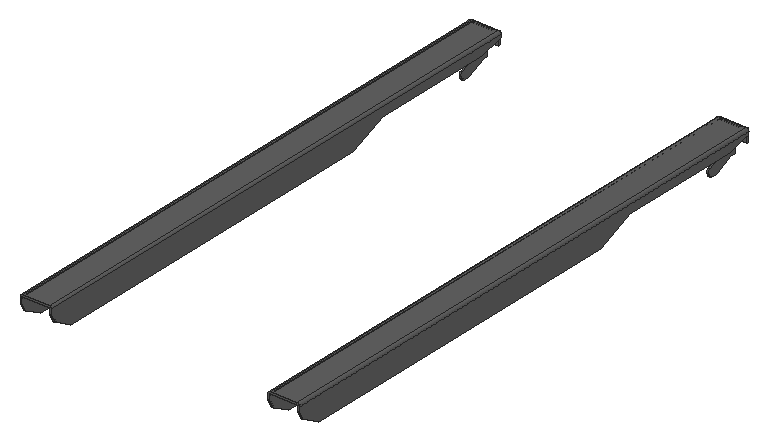
Revit family "Atdec-Bracket-TH-VWVP-", category Generic Models, host Face, Revit 2016
Family settings
  Host = Face
  Part Type = Normal
  Can host rebar = No
  Round Connector Dimension = Use Diameter
  Cut with Voids When Loaded = No
  Shared = No
  Room Calculation Point = No
Parameters (values of type "TH-VWVP")
  Weight, Single Unit = "6.3kg (13.8lb)"
  Weight, Master Carton = "25.5kg (56.2lb)"
  Warranty = "10 years"
  VESA mounting hole pattern,mm = "-"
  Universal Width (mm) = "Flexible"
  Universal Height (mm) = "From 100 to 600"
  URL = "www.atdec.com.au"
  UPC Code = "881493009462"
  Tilt Adjustment = "-"
  Single units per master pack = "4"
  Security feature = "Can be secured with padlock (not included)"
  Range of Motion = "Fixed Angle"
  Product Information Link = "https://www.atdec.com.au/th-vwvp"
  Product Family = "Wall Mount Rail"  # constant formula
  Single Unit Dimensions = "1005mm (39.6\") Lenght, 163mm (6.4\") Width, 75mm (2.95\") Height"
  Pan Adjustment = "-"
  Model = "TH-VWVP"
  Minimum distance from wall (mm) = "44.5mm (1.75\")"
  Maximum distance from wall (mm) = "44.5mm (1.75\")"
  Material = "Steel"
  Master Carton Dimensions = "1021mm (40.2\") Lenght, 166mm (6.5\") Width, 309mm (12.2\") Height"
  Manufacturer = "Atdec"  # constant formula
  Flat screen maximum supported weight = "165kg (363lb)"
  Email Address = "support@atdec.com"
  Description = "Video wall portrait display brackets (set of 2)"
  Default Elevation = 1219.2 mm
  Colour Options = "Black"
  Bracket Finish [instance] = ATD-Powdercoat Black
  Bracket Distance [instance] = 500 mm
  Assembly Code = "E1010800"
Reference planes
  plane 1 "Center (Front/Back)": y = 0
  plane 2: z = 0
  plane 3 "Center (Left/Right)": x = 0
  plane 4: x = -250
  plane 5: x = 250
Forms (mm)
  Extrusion 1, solid, material "ATD-Powdercoat Black" <- "Bracket Finish"
    sketch origin (0, 0, 0) x (1, 0, 0) y (0, 0, 1)
      loop
        line (-225.5, 1.87) -> (-222.5, 1.87) -> (-222.5, 40.87)
        arc (-222.5, 40.87) -> (-222.207, 41.577) -> (-221.5, 41.87) r 1
        line (-221.5, 41.87) -> (-178.5, 41.87)
        arc (-178.5, 41.87) -> (-177.793, 41.577) -> (-177.5, 40.87) r 1
        line (-177.5, 40.87) -> (-177.5, 1.87) -> (-174.5, 1.87) -> (-174.5, 40.87)
        arc (-174.5, 40.87) -> (-175.672, 43.698) -> (-178.5, 44.87) r 4
        line (-178.5, 44.87) -> (-221.5, 44.87)
        arc (-221.5, 44.87) -> (-224.328, 43.698) -> (-225.5, 40.87) r 4
        line (-225.5, 40.87) -> (-225.5, 1.87)
      loop
        line (225.5, 1.87) -> (225.5, 40.87)
        arc (225.5, 40.87) -> (224.328, 43.698) -> (221.5, 44.87) r 4
        line (221.5, 44.87) -> (178.5, 44.87)
        arc (178.5, 44.87) -> (175.672, 43.698) -> (174.5, 40.87) r 4
        line (174.5, 40.87) -> (174.5, 1.87) -> (177.5, 1.87) -> (177.5, 40.87)
        arc (177.5, 40.87) -> (177.793, 41.577) -> (178.5, 41.87) r 1
        line (178.5, 41.87) -> (221.5, 41.87)
        arc (221.5, 41.87) -> (222.207, 41.577) -> (222.5, 40.87) r 1
        line (222.5, 40.87) -> (222.5, 1.87) -> (225.5, 1.87)
    from -43.924 to 876.076
  Extrusion 2, void
    sketch origin (0, 0, 0) x (0, 1, 0) y (0, 0, 1)
      loop
        line (37.189, 44.87) -> (37.189, 38.181)
        arc (37.189, 38.181) -> (36.54, 36.317) -> (34.872, 35.26) r 3
        line (34.872, 35.26) -> (-1.019, 26.87) -> (-201.147, 26.87) -> (-261.147, 1.87) -> (-830.722, 1.87) -> (-861.311, 18.879) -> (-868.811, 31.87) -> (-868.811, 44.87) -> (-876.076, 44.87) -> (-876.076, 0) -> (43.924, 0) -> (43.924, 44.87) -> (37.189, 44.87)
    from 250 to -250
  Extrusion 3, solid, material "ATD-Powdercoat Black" <- "Bracket Finish"
    sketch origin (0, 0, 0) x (1, 0, 0) y (0, 0, 1)
      loop
        line (-218.999, 4.37) -> (-218.999, 37.37)
        arc (-218.999, 37.37) -> (-218.707, 38.077) -> (-217.999, 38.37) r 1
        line (-217.999, 38.37) -> (-181.999, 38.37)
        arc (-181.999, 38.37) -> (-181.292, 38.077) -> (-180.999, 37.37) r 1
        line (-180.999, 37.37) -> (-180.999, 4.37) -> (-177.999, 4.37) -> (-177.999, 37.37)
        arc (-177.999, 37.37) -> (-179.171, 40.198) -> (-181.999, 41.37) r 4
        line (-181.999, 41.37) -> (-217.999, 41.37)
        arc (-217.999, 41.37) -> (-220.828, 40.198) -> (-221.999, 37.37) r 4
        line (-221.999, 37.37) -> (-221.999, 4.37) -> (-218.999, 4.37)
      loop
        line (218.999, 4.37) -> (221.999, 4.37) -> (221.999, 37.37)
        arc (221.999, 37.37) -> (220.828, 40.198) -> (217.999, 41.37) r 4
        line (217.999, 41.37) -> (181.999, 41.37)
        arc (181.999, 41.37) -> (179.171, 40.198) -> (177.999, 37.37) r 4
        line (177.999, 37.37) -> (177.999, 4.37) -> (180.999, 4.37) -> (180.999, 37.37)
        arc (180.999, 37.37) -> (181.292, 38.077) -> (181.999, 38.37) r 1
        line (181.999, 38.37) -> (217.999, 38.37)
        arc (217.999, 38.37) -> (218.707, 38.077) -> (218.999, 37.37) r 1
        line (218.999, 37.37) -> (218.999, 4.37)
    from -14.412 to 75.588
  Extrusion 4, void
    sketch origin (0, 0, 0) x (0, 1, 0) y (0, 0, 1)
      loop
        line (14.412, 17.37) -> (7.039, 17.37) -> (-22.651, 4.767)
        arc (-22.651, 4.767) -> (-23.608, 4.47) -> (-24.605, 4.37) r 5
        line (-24.605, 4.37) -> (-31.399, 4.37)
        arc (-31.399, 4.37) -> (-34.306, 5.297) -> (-36.138, 7.738) r 5.018
        line (-36.138, 7.738) -> (-37.699, 11.416)
        arc (-37.699, 11.416) -> (-37.726, 14.477) -> (-35.58, 16.661) r 4
        line (-35.58, 16.661) -> (-20.173, 23.201)
        arc (-20.173, 23.201) -> (-19.201, 25.049) -> (-20.817, 26.37) r 1.65
        line (-20.817, 26.37) -> (-70.588, 26.37)
        arc (-70.588, 26.37) -> (-74.123, 27.834) -> (-75.588, 31.37) r 5
        line (-75.588, 31.37) -> (-75.588, 0) -> (14.412, 0) -> (14.412, 17.37)
    from -250 to 250
  Sweep 5, solid, material "ATD-Powdercoat Black" <- "Bracket Finish"
    path origin (0, 0, 0) x (0, 1, 0) y (0, 0, 1)
      loop
        line (41.191, 21.87) -> (41.191, 40.87)
        arc (41.191, 40.87) -> (40.019, 43.699) -> (37.189, 44.871) r 4.001
    profile origin (0, 41.191, 31.37) x (0, -1, 0) y (1, 0, 0)
      loop
        line (0.001, -221.5) -> (3.001, -221.5) -> (3.001, -178.5) -> (0.001, -178.5) -> (0.001, -221.5)
      loop
        line (0.001, 178.5) -> (3.001, 178.5) -> (3.001, 221.5) -> (0.001, 221.5) -> (0.001, 178.5)
Cuts and joins
  Extrusion 2 cuts Extrusion 1
  joined: Extrusion 1, Sweep 5
  Extrusion 4 cuts Extrusion 3
Dimensions and locks
  equal spacing: plane 4, plane 3 "Center (Left/Right)", plane 5
  "Bracket Distance": plane 4 to plane 5
  plane 4 to Extrusion 1 sketch curve to Extrusion 1 sketch curve to Extrusion 1 sketch curve to Extrusion 1 sketch curve = 24.5 mm locked, 3 mm locked, 45 mm locked, 3 mm locked
  Extrusion 1 sketch curve to Extrusion 1 sketch curve to Extrusion 1 sketch curve to Extrusion 1 sketch curve to plane 5 = 3 mm locked, 45 mm locked, 3 mm locked, 24.5 mm locked
  Extrusion 1 sketch curve to Extrusion 1 sketch curve to Extrusion 1 sketch curve to plane 2 = 3 mm locked, 40 mm locked, 1.87 mm locked  (x2)
  plane 4 to Extrusion 3 sketch curve to Extrusion 3 sketch curve to Extrusion 3 sketch curve to Extrusion 3 sketch curve = 28.001 mm locked, 3 mm locked, 38 mm locked, 3 mm locked
  Extrusion 3 sketch curve to Extrusion 3 sketch curve to Extrusion 3 sketch curve to Extrusion 3 sketch curve to plane 5 = 3 mm locked, 38 mm locked, 3 mm locked, 28.001 mm locked
  Extrusion 3 sketch curve to Extrusion 3 sketch curve to Extrusion 3 sketch curve to plane 2 = 3 mm locked, 34 mm locked, 4.37 mm locked  (x2)
  Extrusion 3 to plane 1 "Center (Front/Back)" to Extrusion 3 = 14.412 mm locked, 75.588 mm locked
  Sweep 5 sketch curve to Sweep 5 sketch curve to plane 5 = 43 mm locked, 28.5 mm locked
  plane 4 to Sweep 5 sketch curve to Sweep 5 sketch curve = 28.5 mm locked, 43 mm locked
  Sweep 5 sketch curve to Sweep 5 sketch curve to plane 2 = 19 mm locked, 21.87 mm locked
  Sweep 5 sketch curve to Sweep 5 sketch curve to plane 1 "Center (Front/Back)" = 4.001 mm locked, 37.189 mm locked
  plane 1 "Center (Front/Back)" to Sweep 5 sketch curve to Sweep 5 sketch curve = 38.189 mm locked, 3 mm locked  (x2)
  aligned and locked: plane 2 to host face
  aligned and locked: level to host face
  aligned and locked: Extrusion 1 sketch curve to Extrusion 1 sketch curve  (x2)
  aligned and locked: plane 4 to Extrusion 2
  aligned and locked: Extrusion 2 to plane 5
  aligned and locked: Extrusion 3 sketch curve to Extrusion 3 sketch curve  (x2)
  aligned and locked: plane 4 to Extrusion 4
  aligned and locked: Extrusion 4 to plane 5
Automatic sketch dimensions
  host sketch curve to host sketch curve = 715.576 mm
  host sketch curve to host sketch curve = 1056.744 mm
  Extrusion 1 sketch curve to Extrusion 1 sketch curve = 0 mm  (x4)
  Extrusion 1 sketch curve to Extrusion 1 sketch curve = 1 mm  (x3)
  plane 5 to Extrusion 1 sketch curve = 28.5 mm
  Extrusion 3 sketch curve to Extrusion 3 sketch curve = 0 mm  (x4)
  Extrusion 3 sketch curve to Extrusion 3 sketch curve = 1 mm  (x3)
  plane 5 to Extrusion 3 sketch curve = 32.001 mm
  Extrusion 4 sketch curve to level = 0 mm
  level to Extrusion 4 sketch curve = 31.37 mm
  plane 1 "Center (Front/Back)" to Extrusion 4 sketch curve = 75.588 mm
  Extrusion 4 sketch curve to Extrusion 4 sketch curve = 5 mm
  level to Extrusion 4 sketch curve = 11.416 mm
  Extrusion 4 sketch curve to Extrusion 4 sketch curve = 32.888 mm
  level to Extrusion 4 sketch curve = 7.738 mm
  Extrusion 4 sketch curve to Extrusion 4 sketch curve = 1.561 mm
  level to Extrusion 4 sketch curve = 16.661 mm
  Extrusion 4 sketch curve to Extrusion 4 sketch curve = 2.119 mm
  Extrusion 4 sketch curve to Extrusion 4 sketch curve = 1.563 mm
  level to Extrusion 4 sketch curve = 4.37 mm
  Extrusion 4 sketch curve to Extrusion 4 sketch curve = 4.739 mm
  Extrusion 4 sketch curve to Extrusion 4 sketch curve = 6.795 mm
  level to Extrusion 4 sketch curve = 4.767 mm
  Extrusion 4 sketch curve to Extrusion 4 sketch curve = 1.954 mm
  Extrusion 4 sketch curve to Extrusion 4 sketch curve = 3.787 mm
  Extrusion 4 sketch curve to plane 1 "Center (Front/Back)" = 7.039 mm
  Extrusion 4 sketch curve to plane 1 "Center (Front/Back)" = 14.412 mm
  level to Extrusion 4 sketch curve = 17.37 mm
  Extrusion 4 sketch curve to Extrusion 4 sketch curve = 0.645 mm
  Extrusion 4 sketch curve to Extrusion 4 sketch curve = 1.519 mm
  Extrusion 2 sketch curve to level = 0 mm
  plane 1 "Center (Front/Back)" to Extrusion 2 sketch curve = 876.076 mm
  Extrusion 2 sketch curve to Extrusion 2 sketch curve = 7.266 mm
  level to Extrusion 2 sketch curve = 18.879 mm
  Extrusion 2 sketch curve to Extrusion 2 sketch curve = 7.5 mm
  level to Extrusion 2 sketch curve = 1.87 mm
  Extrusion 2 sketch curve to Extrusion 2 sketch curve = 30.589 mm
  plane 1 "Center (Front/Back)" to Extrusion 2 sketch curve = 261.147 mm
  Extrusion 2 sketch curve to Extrusion 2 sketch curve = 60 mm
  Extrusion 2 sketch curve to plane 1 "Center (Front/Back)" = 34.189 mm
  Extrusion 2 sketch curve to Extrusion 2 sketch curve = 0.683 mm
  Extrusion 2 sketch curve to Extrusion 2 sketch curve = 3 mm
  Extrusion 2 sketch curve to Extrusion 2 sketch curve = 6.734 mm
  Extrusion 2 sketch curve to Extrusion 2 sketch curve = 12.99 mm
  level to Extrusion 2 sketch curve = 35.26 mm
  Extrusion 2 sketch curve to Extrusion 2 sketch curve = 13 mm
  Extrusion 2 sketch curve to Extrusion 2 sketch curve = 6.689 mm
  plane 1 "Center (Front/Back)" to Extrusion 2 sketch curve = 1.019 mm
  level to Extrusion 2 sketch curve = 26.87 mm
